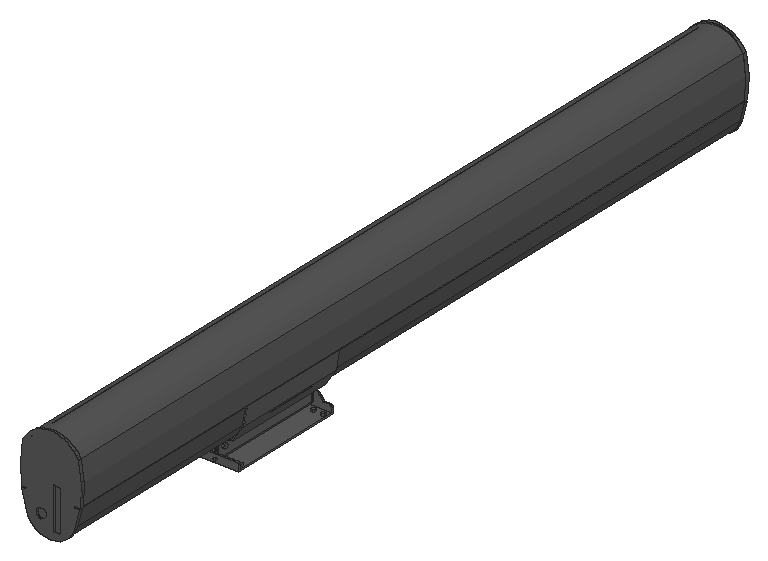
Revit family "Electronics_Desono_Biamp_Compact-Column-Point-Source-Loudspeaker_ENT220", category Communication Devices, host Face, Revit 2020
Family settings
  Host = Face
  Maintain Annotation Orientation = No
  Round Connector Dimension = Use Diameter
  Part Type = Normal
  OmniClass Number = 23.85.10.11.14.14.14
  Cut with Voids When Loaded = No
  Shared = No
  Room Calculation Point = No
Parameters (values of type "ENT220 B")
  Width = 4.64567"  # constant formula
  Weight = 41.00 lbf  # constant formula
  URL = "https://www.biamp.com/"
  Transducers = "LF   20 x 80mm long excursion mylar driver HF  4 x 3-element Compact Ribbon Emulator"  # constant formula
  Tilt angle [instance] = 0.00°
  Shipping Weight = 60.00 lbf  # constant formula
  Rotate angle [instance] = 0.00°
  Required Accessories = "External High Pass Filter - 80 Hz, 24 dB /octave Digital Signal Processor"  # constant formula
  Recommended Amplifers = "Passive - 500 W - 1000 W @ 8 Ω (63 V - 89 V)"  # constant formula
  Product data url = "https://www.bimobject.com/biamp/product/ent220_desono-column-point-source"
  Product Page URL = "https://www.biamp.com/products/product-families/desono/point-source-loudspeakers#ent220"
  Product Documentation Link = "https://downloads.biamp.com/assets/docs/default-source/data-sheets/biamp_data_sheet_desono_ent220.pdf"
  Position Note [instance] = if(Position = 1, "Position A - mounting points are guided by the factory marked pilot holes (please see the Installation/Operation manual for the details)", if(Position = 2, "Position B - mounting points are guided by the factory marked pilot holes (please see the Installation/Operation manual for the details)", if(Position = 3, "Position C - mounting points are guided by the factory marked pilot holes (please see the Installation/Operation manual for the details)", "Enter value 1 to 3")))  # "Position A - mounting points are guided by the factory marked pilot holes (please see the Installation/Operation manual for the details)"
  Position [instance] = 1
  Operating Range = "80 Hz to 22 kHz"  # constant formula
  Operating Mode = "Passive"  # constant formula
  Operating Environment = "Indoor or outdoor"  # constant formula
  Offset speaker [instance] = if(Position = 1, 25.05118", if(Position = 2, 18.64961", 12.25197"))  # 25.05118"
  Nominal Sensitivity = "Passive: 1W - 99dB; 2.83V - 99dB"  # constant formula
  Nominal Maximum SPL (Whole Space) = "Passive: Peak - 132dB; Continuous - 126dB"  # constant formula
  Nominal Beamwidth  (H x V) = "140° x  15°"  # constant formula
  Nom SA [instance] = if(and(Position = 1, or(Tilt angle < 0.00°, Tilt angle = 0.00°)), 0.00°, if(and(Position = 1, and(Tilt angle > 0.00°, Tilt angle < 4.50°)), Tilt angle, if(and(Position = 1, or(Tilt angle > 4.50°, Tilt angle = 4.50°)), 4.50°, if(and(Position = 2, or(Tilt angle < 0.00°, Tilt angle = 0.00°)), 0.00°, if(and(Position = 2, and(Tilt angle > 0.00°, Tilt angle < 6.90°)), Tilt angle, if(and(Position = 2, or(Tilt angle > 6.90°, Tilt angle = 6.90°)), 6.90°, if(and(Position = 3, or(Tilt angle < 0.00°, Tilt angle = 0.00°)), 0.00°, if(and(Position = 3, and(Tilt angle > 0.00°, Tilt angle < 10.80°)), Tilt angle, if(and(Position = 3, or(Tilt angle > 10.80°, Tilt angle = 10.80°)), 10.80°, 0.00°)))))))))  # 0.00°
  Nom RA [instance] = if(or(Rotate angle < -55.00°, Rotate angle = -55.00°), 55.00°, if(and(Rotate angle > -55.00°, Rotate angle < 55.00°), Rotate angle, if(or(Rotate angle > 55.00°, Rotate angle = 55.00°), 55.00°, 0.00°)))  # 0.00°
  Mounting Points = "Small pan-tilt mounting bracket included;(up to 10.8° down-tilt, ± 55° panning)"  # constant formula
  Model = "ENT220 B"
  Manufacturer = "Biamp"  # constant formula
  Input Connection = "NL4-type connector for low impedance operation, and 8-position terminal strip for low impedance or constant voltage operation"  # constant formula
  Housing Material = Biamp - Plastic - Black
  Height_2 = 64.68504"  # constant formula
  Grill Material = Biamp - Plastic - Black(Grid)
  Equalized Sensitivity = "Sustem: 1W - 99dB; 2.83V - 99dB"  # constant formula
  Equalized Maximum SPL = "System: Peak - 132dB; Continuous - 126dB"  # constant formula
  Environmental = "IP54 per IEC 60529, designed in accordance with MIL-STD-810G Included ABS plastic rain cover with integrated cable inlet and 1 (25.4mm) knockout for conduit ingress"  # constant formula
  Description = "Desono™ ENT220 Two-Way, Compact Column Point Source Loudspeaker"  # constant formula
  Depth = 7.48031"  # constant formula
  Default Elevation = 48"
  Continuous Power Handling Nominal Impedance = "Passive; 63V; 500W @ 8Ω (2000W peak)"  # constant formula
  Connector Description = "Terminal strip; Low impedance 8 ohms, 70/100V operation"  # constant formula
  Bracket Material = Biamp - Metal - Black
  Autoformer = "70 V - 120 W,60 W,30 W,15W,7.5 W;100 V - 120 W,60 W,30 W,15 W"  # constant formula
Types (3): name | Model | Housing Material | Grill Material | Bracket Material
  (no name) | "ENT220 B" | Biamp - Plastic - Black | Biamp - Plastic - Black(Grid) | Biamp - Metal - Black
  ENT220 W | "ENT220 W" | Biamp - Plastic - White | Biamp - Plastic - White(Grid) | Biamp - Metal - White
  ENT220 B | "ENT220 B" | Biamp - Plastic - Black | Biamp - Plastic - Black(Grid) | Biamp - Metal - Black
Reference planes (in)
  plane 1 "Center (Front/Back)": y = 0
  plane 2: z = 0
  plane 3 "Center (Left/Right)": x = 0
  plane 4: z = 0.31496
Dimensions and locks (in)
  aligned and locked: plane 2 to host face
  aligned and locked: level to host face
Nested families (in)
  nested 1: "Tilt Bracket" at (0, 0, 0), Rotate angle <- "Nom RA", Slope angle <- "Nom SA", Housing Material <- "Bracket Material", type "Tilt Bracket"
    with Slope angle 0.00°, Rotate angle 0.00°, Housing Material Biamp - Metal - Black
  nested 2: "ENT220" at (0, 4.47638, 5.43033) x (-1, 0, 0) z (0, -1, 0), Grill <- "Grill Material", Housing Material <- "Housing Material", Offset <- "Offset speaker", type "ENT220"
    with Offset 25.05118", Housing Material Biamp - Plastic - Black, Grill Biamp - Plastic - Black(Grid)
Connectors (in)
  electrical at (-0.71337, -20.49801, 3.25247)
    settings: on nested 2, index 1, voltage 0 V, apparent load 0 VA, apparent load phase1 0 VA, apparent load phase2 0 VA, apparent load phase3 0 VA, power factor 1, load classification "Other", number of poles 1, system type 5, power factor state 1, is connector primary yes, connector utility no, sub classification motor no, connector description "NL4 connector; Low impedance 8 ohms"
  electrical at (0.4939, -20.49801, 3.9107), driven by "Connector Description"
    settings: on nested 2, index 2, voltage 0 V, apparent load 0 VA, apparent load phase1 0 VA, apparent load phase2 0 VA, apparent load phase3 0 VA, power factor 1, load classification "Other", number of poles 1, system type 5, power factor state 1, is connector primary no, connector utility no, sub classification motor no, connector description "Terminal strip; Low impedance 8 ohms, 70/100V operation"
Definition of nested family "Tilt Bracket"
  Parameters (values of type "Tilt Bracket")
    URL = ""
    Slope angle [instance] = 0.00°
    Rotate angle [instance] = 0.00°
    Product data url = ""
    Product Page URL = ""
    Product Documentation Link = ""
    Model = ""
    Manufacturer = ""
    Housing Material [instance] = none
    Height = 0"
    Description = ""
    Default Elevation = 48"
  Reference planes (in)
    plane 1 "Center (Front/Back)": y = 0
    plane 2: z = 0
    plane 3 "Center (Left/Right)": x = 0
    plane 4: z = 0.31496
  Forms (in)
    Extrusion 1, solid
      sketch origin (0, 0, 0) x (1, 0, 0) y (0, 1, 0)
        loop
          line (-48, 48) -> (-48, -48) -> (48, -48) -> (48, 48) -> (-48, 48)
      from 0 to -12
    Extrusion 2, solid, material <- "Housing Material"
      sketch origin (0, 0, 0) x (1, 0, 0) y (0, 0, 1)
        loop
          line (-1.77165, 0) -> (1.77165, 0) -> (1.77165, 0.43307)
          arc (1.77165, 0.43307) -> (1.714, 0.57227) -> (1.5748, 0.62992) r 0.19685
          line (1.5748, 0.62992) -> (1.06299, 0.62992)
          arc (1.06299, 0.62992) -> (0, 1.37795) -> (-1.06299, 0.62992) r 1.1293
          line (-1.06299, 0.62992) -> (-1.5748, 0.62992)
          arc (-1.5748, 0.62992) -> (-1.714, 0.57227) -> (-1.77165, 0.43307) r 0.19685
          line (-1.77165, 0.43307) -> (-1.77165, 0)
      from -4.56693 to 4.56693
    Extrusion 3, void
      sketch origin (0, 0, 0) x (0, 1, 0) y (0, 0, 1)
        loop
          line (4.48819, 1.85039) -> (-4.48819, 1.85039) -> (-4.48819, 0.07874) -> (4.48819, 0.07874) -> (4.48819, 1.85039)
      from -3.00698 to 2.93513
    Extrusion 4, void
      sketch origin (0, 0, 0) x (0, 1, 0) y (0, 0, 1)
        loop
          line (-4.05151, 1.85039) -> (-5.23261, 1.85039) -> (-5.23261, 0.62992) -> (-4.05151, 0.62992) -> (-4.05151, 1.85039)
      from -3.00698 to 2.93513
    Extrusion 5, solid, material <- "Housing Material"
      sketch origin (0, 0, 0.31496) x (0, 0, 1) y (-1, 0, 0)
        loop
          line (1.05533, 0.14607) -> (-0.07041, 0.14607)
          arc (-0.07041, 0.14607) -> (-0.21647, 0) -> (-0.07041, -0.14607) r 0.14607
          line (-0.07041, -0.14607) -> (1.05533, -0.14607)
          arc (1.05533, -0.14607) -> (1.15376, -0.24449) -> (1.25218, -0.14607) r 0.09843
          line (1.25218, -0.14607) -> (1.25218, -0.05906) -> (0.14445, -0.05906) -> (0.14445, 0.05906) -> (1.25218, 0.05906) -> (1.25218, 0.14607)
          arc (1.25218, 0.14607) -> (1.15376, 0.24449) -> (1.05533, 0.14607) r 0.09843
      from -4.47638 to 4.47638
    Extrusion 6, solid, material <- "Housing Material"
      sketch origin (0, 0, 0.31496) x (0, 0, 1) y (-1, 0, 0)
        loop
          line (1.15376, 0.24449) -> (-0.02734, 0.24449)
          arc (-0.02734, 0.24449) -> (-0.27183, 0) -> (-0.02734, -0.24449) r 0.24449
          line (-0.02734, -0.24449) -> (1.15376, -0.24449)
          arc (1.15376, -0.24449) -> (1.22336, -0.21566) -> (1.25218, -0.14607) r 0.09843
          line (1.25218, -0.14607) -> (1.25218, 0.14607)
          arc (1.25218, 0.14607) -> (1.22336, 0.21566) -> (1.15376, 0.24449) r 0.09843
      from -4.6063 to -4.56693
    Extrusion 7, solid, material <- "Housing Material", detail levels medium+fine
      sketch origin (0, 0, 0) x (1, 0, 0) y (0, 1, 0)
        loop
          line (-1.41187, 4.15603) -> (-1.55491, 4.11771) -> (-1.59323, 3.97467) -> (-1.48852, 3.86996) -> (-1.34549, 3.90829) -> (-1.30716, 4.05132) -> (-1.41187, 4.15603)
        loop
          line (-0.65662, 4.15603) -> (-0.79966, 4.11771) -> (-0.83799, 3.97467) -> (-0.73328, 3.86996) -> (-0.59024, 3.90829) -> (-0.55191, 4.05132) -> (-0.65662, 4.15603)
        loop
          line (1.41187, 4.15603) -> (1.30716, 4.05132) -> (1.34549, 3.90829) -> (1.48852, 3.86996) -> (1.59323, 3.97467) -> (1.55491, 4.11771) -> (1.41187, 4.15603)
        loop
          line (0.65662, 4.15603) -> (0.55191, 4.05132) -> (0.59024, 3.90829) -> (0.73328, 3.86996) -> (0.83799, 3.97467) -> (0.79966, 4.11771) -> (0.65662, 4.15603)
        loop
          line (-1.41187, -4.15603) -> (-1.30716, -4.05132) -> (-1.34549, -3.90829) -> (-1.48852, -3.86996) -> (-1.59323, -3.97467) -> (-1.55491, -4.11771) -> (-1.41187, -4.15603)
        loop
          line (-0.65662, -4.15603) -> (-0.55191, -4.05132) -> (-0.59024, -3.90829) -> (-0.73328, -3.86996) -> (-0.83799, -3.97467) -> (-0.79966, -4.11771) -> (-0.65662, -4.15603)
        loop
          line (1.41187, -4.15603) -> (1.55491, -4.11771) -> (1.59323, -3.97467) -> (1.48852, -3.86996) -> (1.34549, -3.90829) -> (1.30716, -4.05132) -> (1.41187, -4.15603)
        loop
          line (0.65662, -4.15603) -> (0.79966, -4.11771) -> (0.83799, -3.97467) -> (0.73328, -3.86996) -> (0.59024, -3.90829) -> (0.55191, -4.05132) -> (0.65662, -4.15603)
      from 0.07874 to 0.19685
    Extrusion 8, solid, material <- "Housing Material", detail levels medium+fine
      sketch origin (-0.14607, 0, 1.37029) x (0, 0, -1) y (0, -1, 0)
        loop
          line (0.15695, 4.1717) -> (0.15695, 3.97485) -> (0.32743, 3.87642) -> (0.49791, 3.97485) -> (0.49791, 4.1717) -> (0.32743, 4.27012) -> (0.15695, 4.1717)
      from 0 to 0.19685
    Extrusion 9, solid, material <- "Housing Material", detail levels medium+fine
      sketch origin (-0.14607, 0, 1.37029) x (0, 0, -1) y (0, -1, 0)
        loop
          line (0.15695, 4.1717) -> (0.15695, 3.97485) -> (0.32743, 3.87642) -> (0.49791, 3.97485) -> (0.49791, 4.1717) -> (0.32743, 4.27012) -> (0.15695, 4.1717)
      from -0.48819 to -0.29213
    Extrusion 10, solid, material <- "Housing Material", detail levels medium+fine
      sketch origin (0, 4.6063, 0.31496) x (0, 0, -1) y (-1, 0, 0)
        loop
          circle (-1.15376, -0.15463) r 0.07784
        loop
          circle (-1.15376, 0.15463) r 0.07784
      from 0 to 0.11811
    Extrusion 11, solid, material <- "Housing Material", detail levels medium+fine
      sketch origin (0, 4.6063, 0.31496) x (0, 0, -1) y (-1, 0, 0)
        loop
          line (-0.0514, 0.02148) -> (-0.0091, -0.09475) -> (0.11271, -0.11623) -> (0.19221, -0.02148) -> (0.14991, 0.09475) -> (0.0281, 0.11623) -> (-0.0514, 0.02148)
      from 0 to 0.11811
    Extrusion 12, solid, material <- "Housing Material", detail levels medium+fine
      sketch origin (0, -1.71654, 0.31496) x (0, 0, -1) y (1, 0, 0)
        loop
          line (-0.0514, -0.02148) -> (0.0281, -0.11623) -> (0.14991, -0.09475) -> (0.19221, 0.02148) -> (0.11271, 0.11623) -> (-0.0091, 0.09475) -> (-0.0514, -0.02148)
      from 2.85039 to 2.9685
  Cuts and joins
    Extrusion 3, Extrusion 4 cuts Extrusion 2
  Lines and regions (in)
    Masking region 1
      outline origin (0, 0, 0) x (1, 0, 0) y (0, 1, 0)
        loop
          line (-1.77165, 4.56693) -> (-1.77165, -4.56693) -> (1.77165, -4.56693) -> (1.77165, 4.56693) -> (-1.77165, 4.56693)
    Masking region 2
      outline origin (0, 0, 0) x (1, 0, 0) y (0, 0, 1)
        loop
          line (-1.77165, 0.43307) -> (-1.77165, 0) -> (1.77165, 0) -> (1.77165, 0.43307)
          arc (1.77165, 0.43307) -> (1.714, 0.57227) -> (1.5748, 0.62992) r 0.19685
          line (1.5748, 0.62992) -> (-1.5748, 0.62992)
          arc (-1.5748, 0.62992) -> (-1.714, 0.57227) -> (-1.77165, 0.43307) r 0.19685
    Masking region 3
      outline origin (0, 0, 0) x (1, 0, 0) y (0, 0, 1)
        loop
          arc (1.06299, 0.62992) -> (0, 1.37795) -> (-1.06299, 0.62992) r 1.1293
          line (-1.06299, 0.62992) -> (1.06299, 0.62992)
    Masking region 4
      outline origin (0, 0, 0.31496) x (0, 0, 1) y (-1, 0, 0)
        loop
          line (1.05533, 0.14607) -> (-0.07041, 0.14607)
          arc (-0.07041, 0.14607) -> (-0.21647, 0) -> (-0.07041, -0.14607) r 0.14607
          line (-0.07041, -0.14607) -> (1.05533, -0.14607)
          arc (1.05533, -0.14607) -> (1.15376, -0.24449) -> (1.25218, -0.14607) r 0.09843
          line (1.25218, -0.14607) -> (1.25218, -0.05906) -> (0.14445, -0.05906) -> (0.14445, 0.05906) -> (1.25218, 0.05906) -> (1.25218, 0.14607)
          arc (1.25218, 0.14607) -> (1.15376, 0.24449) -> (1.05533, 0.14607) r 0.09843
    reference lines
      curve 1: line (0, 0, 0.31496) -> (0, 0, 2.67717)
      curve 2: line (0, -1.12051, 1.04286) -> (0, -4.07327, 1.04286)
      curve 3: line (0, -4.07327, 1.04286) -> (0, -1.07496, 1.04286)
  Dimensions and locks (in)
    "Rotate angle": angle curve 1 to plane 3 "Center (Left/Right)"
    "Slope angle": angle curve 3 to curve 2
    aligned and locked: plane 2 to Extrusion 1
    aligned and locked: level to Extrusion 1
    aligned and locked: plane 4 to curve 1
    aligned and locked: plane 3 "Center (Left/Right)" to curve 1
  Automatic sketch dimensions
    Extrusion 1 sketch curve to Extrusion 1 sketch curve = 96"  (x2)
    Extrusion 2 sketch curve to level = 0"
    Extrusion 2 sketch curve to plane 3 "Center (Left/Right)" = 0"
    plane 4 to Extrusion 2 sketch curve = 0.31496"  (x2)
    Extrusion 2 sketch curve to plane 3 "Center (Left/Right)" = 1.06299"
    Extrusion 2 sketch curve to Extrusion 2 sketch curve = 0.51181"  (x2)
    plane 4 to Extrusion 2 sketch curve = 0.11811"  (x2)
    Extrusion 2 sketch curve to plane 4 = 0.06631"
    curve 1 to Extrusion 5 sketch curve = 0"
    Extrusion 5 sketch curve to curve 1 = 0.07041"
    Extrusion 5 sketch curve to curve 1 = 0.05906"
    curve 1 to Extrusion 5 sketch curve = 0.14445"
    curve 1 to Extrusion 5 sketch curve = 0.14607"
    Extrusion 5 sketch curve to Extrusion 5 sketch curve = 0.91089"
    Extrusion 5 sketch curve to Extrusion 5 sketch curve = 0"
    Extrusion 5 sketch curve to Extrusion 5 sketch curve = 0.09843"  (x2)
    curve 1 to Extrusion 5 sketch curve = 0.05906"
    curve 1 to Extrusion 6 sketch curve = 0"
    Extrusion 6 sketch curve to curve 1 = 0.02734"
    Extrusion 6 sketch curve to curve 1 = 0.14607"
    curve 1 to Extrusion 6 sketch curve = 1.15376"
    curve 1 to Extrusion 6 sketch curve = 0.14607"
    Extrusion 6 sketch curve to Extrusion 6 sketch curve = 0.09843"
    Extrusion 5 to Extrusion 8 sketch curve = 0.15695"
    Extrusion 8 sketch curve to Extrusion 8 sketch curve = 0.17048"  (x3)
    Extrusion 5 to Extrusion 8 sketch curve = 0.59996"
    Extrusion 8 sketch curve to Extrusion 8 sketch curve = 0.09843"  (x3)
    Extrusion 8 sketch curve to Extrusion 8 sketch curve = 0.19685"  (x2)
    Extrusion 5 to Extrusion 9 sketch curve = 0.15695"
    Extrusion 9 sketch curve to Extrusion 9 sketch curve = 0.17048"  (x3)
    Extrusion 5 to Extrusion 9 sketch curve = 0.59996"
    Extrusion 9 sketch curve to Extrusion 9 sketch curve = 0.09843"  (x3)
    Extrusion 9 sketch curve to Extrusion 9 sketch curve = 0.19685"  (x2)
    Extrusion 10 sketch curve to Extrusion 6 = 0.09843"  (x2)
    Extrusion 10 sketch curve to Extrusion 6 = 0.08986"  (x2)
    Extrusion 11 sketch curve to Extrusion 6 = 0.22301"  (x2)
    Extrusion 11 sketch curve to Extrusion 6 = 1.20078"
    Extrusion 11 sketch curve to Extrusion 6 = 0.14974"  (x2)
    Extrusion 11 sketch curve to Extrusion 11 sketch curve = 0.0423"  (x2)
    Extrusion 11 sketch curve to Extrusion 6 = 0.12826"  (x2)
    Extrusion 11 sketch curve to Extrusion 11 sketch curve = 0.07951"
    Extrusion 11 sketch curve to Extrusion 11 sketch curve = 0.12181"  (x2)
    Extrusion 12 sketch curve to plane 3 "Center (Left/Right)" = 0.02148"
    plane 4 to Extrusion 12 sketch curve = 0.0514"
    plane 4 to Extrusion 12 sketch curve = 0.0091"
    Extrusion 12 sketch curve to plane 4 = 0.0281"
    Extrusion 12 sketch curve to plane 4 = 0.11271"
    Extrusion 12 sketch curve to Extrusion 12 sketch curve = 0.12181"
    plane 3 "Center (Left/Right)" to Extrusion 12 sketch curve = 0.02148"
    level to Extrusion 12 sketch curve = 0.12275"
    Extrusion 12 sketch curve to plane 3 "Center (Left/Right)" = 0.09475"
    Extrusion 12 sketch curve to plane 3 "Center (Left/Right)" = 0.11623"
    plane 3 "Center (Left/Right)" to Extrusion 12 sketch curve = 0.09475"
    plane 3 "Center (Left/Right)" to Extrusion 12 sketch curve = 0.11623"
    Masking region 1 sketch curve to plane 3 "Center (Left/Right)" = 1.77165"
    plane 3 "Center (Left/Right)" to Masking region 1 sketch curve = 1.77165"
    plane 1 "Center (Front/Back)" to Masking region 1 sketch curve = 4.56693"
    Masking region 1 sketch curve to plane 1 "Center (Front/Back)" = 4.56693"
    Masking region 2 sketch curve to level = 0"
    plane 4 to Masking region 2 sketch curve = 0.11811"  (x2)
    Masking region 2 sketch curve to plane 3 "Center (Left/Right)" = 1.77165"
    Masking region 2 sketch curve to Masking region 2 sketch curve = 0.19685"
    plane 3 "Center (Left/Right)" to Masking region 2 sketch curve = 1.5748"
    Masking region 3 sketch curve to plane 3 "Center (Left/Right)" = 0"
    Masking region 3 sketch curve to plane 4 = 0.06631"
    plane 4 to Masking region 3 sketch curve = 0.31496"
    Masking region 3 sketch curve to plane 3 "Center (Left/Right)" = 1.06299"
    curve 1 to Masking region 4 sketch curve = 0"
    Masking region 4 sketch curve to curve 1 = 0.07041"
    curve 1 to Masking region 4 sketch curve = 0.05906"
    curve 1 to Masking region 4 sketch curve = 0.14445"
    curve 1 to Masking region 4 sketch curve = 0.14607"
    Masking region 4 sketch curve to Masking region 4 sketch curve = 0.91089"
    Masking region 4 sketch curve to Masking region 4 sketch curve = 0"
    Masking region 4 sketch curve to Masking region 4 sketch curve = 0.09843"  (x2)
    Masking region 4 sketch curve to curve 1 = 0.05906"
    plane 4 to Extrusion 4 sketch curve = 1.53543"
    plane 1 "Center (Front/Back)" to Extrusion 4 sketch curve = 5.23261"
    plane 4 to Extrusion 4 sketch curve = 0.31496"
    Extrusion 4 sketch curve to Extrusion 4 sketch curve = 1.1811"
    plane 4 to Extrusion 3 sketch curve = 1.53543"
    plane 1 "Center (Front/Back)" to Extrusion 3 sketch curve = 4.48819"
    level to Extrusion 3 sketch curve = 0.07874"
    Extrusion 3 sketch curve to plane 1 "Center (Front/Back)" = 4.48819"
    Extrusion 7 sketch curve to plane 3 "Center (Left/Right)" = 1.59323"  (x2)
    Extrusion 7 sketch curve to Extrusion 7 sketch curve = 0.03833"  (x26)
    Extrusion 7 sketch curve to Extrusion 7 sketch curve = 0.10471"  (x22)
    Extrusion 7 sketch curve to Extrusion 7 sketch curve = 0.14304"  (x32)
    Extrusion 7 sketch curve to Extrusion 7 sketch curve = 0.46917"  (x4)
    plane 3 "Center (Left/Right)" to Extrusion 7 sketch curve = 0.55191"  (x2)
    plane 1 "Center (Front/Back)" to Extrusion 7 sketch curve = 4.15603"
    Extrusion 7 sketch curve to Extrusion 7 sketch curve = 0"  (x6)
    Extrusion 7 sketch curve to plane 1 "Center (Front/Back)" = 3.86996"
    curve 1 to curve 2 = 0.7279"
    curve 1 to curve 3 = 4.07327"
    radius of Extrusion 10 sketch curve = 0.07784"  (x2)
  Nested families (in)
    nested 1: "Family4" at (0, 4.47638, 2.94468) x (1, 0, 0) z (0, -1, 0), Bracket Material <- "Housing Material", type "Family4"
      with Bracket Material none
  Definition of nested family "Family4"
    Parameters (values of type "Family4")
      Height = 0"
      Default Elevation = 48"
      Bracket Material [instance] = none
    Reference planes (in)
      plane 1 "Center (Front/Back)": y = 0
      plane 2: z = 0
      plane 3 "Center (Left/Right)": x = 0
    Forms (in)
      Extrusion 1, solid, material <- "Bracket Material"
        sketch origin (0, 0, 0) x (1, 0, 0) y (0, 1, 0)
          loop
            line (-1.98147, 0.23976) -> (-2.19371, 1.57983) -> (-1.85078, 1.57983) -> (-1.85078, 1.67386) -> (-2.28833, 1.67386) -> (-2.05662, 0.21091) -> (-1.22109, -1.0757) -> (-0.04675, -1.31511) -> (-0.04675, -2.16535) -> (0.04675, -2.16535) -> (0.04675, -1.31511) -> (1.22109, -1.0757) -> (2.05662, 0.21091) -> (2.28833, 1.67386) -> (1.85078, 1.67386) -> (1.85078, 1.57983) -> (2.19371, 1.57983) -> (1.98147, 0.23976) -> (1.17302, -1.00514) -> (0, -1.24428) -> (-1.17302, -1.00514) -> (-1.98147, 0.23976)
        from 0 to 8.95276
    Lines and regions (in)
      Masking region 1
        outline origin (0, 0, 0) x (1, 0, 0) y (0, 1, 0)
          loop
            line (-2.05662, 0.21091) -> (-1.22109, -1.0757) -> (-0.04675, -1.31511) -> (-0.04675, -2.16535) -> (0.04675, -2.16535) -> (0.04675, -1.31511) -> (1.22109, -1.0757) -> (2.05662, 0.21091) -> (2.28833, 1.67386) -> (1.85078, 1.67386) -> (1.85078, 1.57983) -> (2.19371, 1.57983) -> (1.98147, 0.23976) -> (1.17302, -1.00514) -> (0, -1.24428) -> (-1.17302, -1.00514) -> (-1.98147, 0.23976) -> (-2.19371, 1.57983) -> (-1.85078, 1.57983) -> (-1.85078, 1.67386) -> (-2.28833, 1.67386) -> (-2.05662, 0.21091)
      Masking region 2
        outline origin (0, 0, 0) x (1, 0, 0) y (0, 0, 1)
          loop
            line (-2.28833, 8.95276) -> (-2.28833, 0) -> (-2.05662, 0) -> (-2.05662, 8.95276) -> (-2.28833, 8.95276)
          loop
            line (2.28833, 8.95276) -> (2.05662, 8.95276) -> (2.05662, 0) -> (2.28833, 0) -> (2.28833, 8.95276)
          loop
            line (-1.22109, 8.95276) -> (-1.22109, 0) -> (1.22109, 0) -> (1.22109, 8.95276) -> (-1.22109, 8.95276)
      Masking region 3
        outline origin (0, 0, 0) x (1, 0, 0) y (0, 0, 1)
          loop
            line (-2.05662, 8.95276) -> (-2.05662, 0) -> (-1.22109, 0) -> (-1.22109, 8.95276) -> (-2.05662, 8.95276)
          loop
            line (1.22109, 8.95276) -> (1.22109, 0) -> (2.05662, 0) -> (2.05662, 8.95276) -> (1.22109, 8.95276)
          loop
            line (-0.04675, 8.95276) -> (-0.04675, 0) -> (0.04675, 0) -> (0.04675, 8.95276) -> (-0.04675, 8.95276)
    Dimensions and locks (in)
      aligned and locked: level to plane 2
Definition of nested family "ENT220"
  Parameters (values of type "ENT220")
    Offset [instance] = 1.9685"
    Housing Material [instance] = none
    Grill [instance] = none
    Default Elevation = 48"
  Reference planes (in)
    plane 1 "Center (Front/Back)": y = 0
    plane 2: z = 0
    plane 3 "Center (Left/Right)": x = 0
  Forms (in)
    Extrusion 1, solid, material <- "Housing Material", detail levels coarse
      sketch origin (-4.6479, 0, 1.9685) x (0, -1, 0) y (-1, 0, 0)
        loop
          arc (-2.41627, -2.84622) -> (-3.68805, -4.6479) -> (-2.41627, -6.44958) r 1.91207
          arc (-2.41627, -6.44958) -> (0, -6.93922) -> (2.45687, -6.73452) r 8.73895
          arc (2.45687, -6.73452) -> (3.72982, -4.6479) -> (2.45687, -2.56128) r 2.34667
          arc (2.45687, -2.56128) -> (0, -2.35658) -> (-2.41627, -2.84622) r 8.73895
      from 0 to 64.68504
    Extrusion 2, solid, material <- "Housing Material", detail levels medium+fine
      sketch origin (-4.6479, 0, 1.9685) x (0, -1, 0) y (-1, 0, 0)
        loop
          arc (-2.44264, -2.77202) -> (-3.76679, -4.6479) -> (-2.44264, -6.52378) r 1.99081
          arc (-2.44264, -6.52378) -> (-1.68569, -6.75508) -> (-0.91106, -6.91758) r 8.81769
          line (-0.91106, -6.91758) -> (-0.91106, -6.49868) -> (-0.80552, -6.49868) -> (-0.80552, -6.93416)
          arc (-0.80552, -6.93416) -> (0.84513, -7.02649) -> (2.48401, -6.80908) r 8.81769
          arc (2.48401, -6.80908) -> (3.80856, -4.6479) -> (2.48401, -2.48672) r 2.42541
          arc (2.48401, -2.48672) -> (0.84513, -2.26931) -> (-0.80552, -2.36164) r 8.81769
          line (-0.80552, -2.36164) -> (-0.80552, -2.79712) -> (-0.91106, -2.79712) -> (-0.91106, -2.37822)
          arc (-0.91106, -2.37822) -> (-1.68569, -2.54072) -> (-2.44264, -2.77202) r 8.81769
      from 0 to 0.19685
    Extrusion 3, solid, material <- "Housing Material", detail levels medium+fine
      sketch origin (-4.6479, 0, 1.9685) x (0, -1, 0) y (-1, 0, 0)
        loop
          arc (-2.44264, -2.77202) -> (-3.76679, -4.6479) -> (-2.44264, -6.52378) r 1.99081
          arc (-2.44264, -6.52378) -> (-1.68569, -6.75508) -> (-0.91106, -6.91758) r 8.81769
          line (-0.91106, -6.91758) -> (-0.91106, -6.49868) -> (-0.80552, -6.49868) -> (-0.80552, -6.93416)
          arc (-0.80552, -6.93416) -> (0.84513, -7.02649) -> (2.48401, -6.80908) r 8.81769
          arc (2.48401, -6.80908) -> (3.80856, -4.6479) -> (2.48401, -2.48672) r 2.42541
          arc (2.48401, -2.48672) -> (0.84513, -2.26931) -> (-0.80552, -2.36164) r 8.81769
          line (-0.80552, -2.36164) -> (-0.80552, -2.79712) -> (-0.91106, -2.79712) -> (-0.91106, -2.37822)
          arc (-0.91106, -2.37822) -> (-1.68569, -2.54072) -> (-2.44264, -2.77202) r 8.81769
      from 64.48819 to 64.68504
    Extrusion 4, solid, material <- "Housing Material", detail levels medium+fine
      sketch origin (-4.6479, 0, 1.9685) x (0, -1, 0) y (-1, 0, 0)
        loop
          arc (-2.41627, -2.84622) -> (-3.68805, -4.6479) -> (-2.41627, -6.44958) r 1.91207
          arc (-2.41627, -6.44958) -> (-1.67231, -6.67722) -> (-0.91106, -6.83779) r 8.73895
          line (-0.91106, -6.83779) -> (-0.91106, -6.49868) -> (-0.80552, -6.49868) -> (-0.80552, -6.85452)
          arc (-0.80552, -6.85452) -> (0.83132, -6.94821) -> (2.45687, -6.73452) r 8.73895
          line (2.45687, -6.73452) -> (2.45687, -2.56128)
          arc (2.45687, -2.56128) -> (0.83132, -2.34759) -> (-0.80552, -2.44128) r 8.73895
          line (-0.80552, -2.44128) -> (-0.80552, -2.79712) -> (-0.91106, -2.79712) -> (-0.91106, -2.45801)
          arc (-0.91106, -2.45801) -> (-1.67231, -2.61858) -> (-2.41627, -2.84622) r 8.73895
      from 0.19685 to 64.48819
    Extrusion 5, solid, material <- "Grill", detail levels medium+fine
      sketch origin (-4.6479, 0, 1.9685) x (0, -1, 0) y (-1, 0, 0)
        loop
          line (2.45687, -2.56128) -> (2.45687, -2.78541)
          arc (2.45687, -2.78541) -> (3.53297, -4.6479) -> (2.45687, -6.51039) r 2.14982
          line (2.45687, -6.51039) -> (2.45687, -6.73452)
          arc (2.45687, -6.73452) -> (3.72982, -4.6479) -> (2.45687, -2.56128) r 2.34667
      from 0.19685 to 64.48819
    Extrusion 6, void
      sketch origin (-4.6479, 0, 1.9685) x (-1, 0, 0) y (0, -1, 0)
        loop
          line (-3.87103, -3.16826) -> (-3.87103, 0.12899) -> (-4.43697, 0.12899) -> (-4.43697, -3.16826) -> (-3.87103, -3.16826)
        loop
          circle (-5.36127, -2.17786) r 0.3937
      from -0.07679 to 0
  Cuts and joins
    Extrusion 6 cuts Extrusion 1
    Extrusion 6 cuts Extrusion 2
    Extrusion 6 cuts Extrusion 4
    Extrusion 6 cuts Extrusion 3
  Lines and regions (in)
    Masking region 1
      outline origin (-4.6479, 0, -11.85039) x (0, -1, 0) y (1, 0, 0)
        loop
          arc (-2.44264, 6.52378) -> (-3.76679, 4.6479) -> (-2.44264, 2.77202) r 1.99081
          arc (-2.44264, 2.77202) -> (-1.68569, 2.54072) -> (-0.91106, 2.37822) r 8.81769
          line (-0.91106, 2.37822) -> (-0.91106, 2.79712) -> (-0.80552, 2.79712) -> (-0.80552, 2.36164)
          arc (-0.80552, 2.36164) -> (0.84513, 2.26931) -> (2.48401, 2.48672) r 8.81769
          arc (2.48401, 2.48672) -> (3.80856, 4.6479) -> (2.48401, 6.80908) r 2.42541
          arc (2.48401, 6.80908) -> (0.84513, 7.02649) -> (-0.80552, 6.93416) r 8.81769
          line (-0.80552, 6.93416) -> (-0.80552, 6.49868) -> (-0.91106, 6.49868) -> (-0.91106, 6.91758)
          arc (-0.91106, 6.91758) -> (-1.68569, 6.75508) -> (-2.44264, 6.52378) r 8.81769
    Masking region 2
      outline origin (-4.6479, 0, 5.74803) x (1, 0, 0) y (0, 0, 1)
        loop
          line (2.26294, -3.77953) -> (2.26294, -3.97638) -> (7.03286, -3.97638) -> (7.03286, -3.77953) -> (2.26294, -3.77953)
        loop
          line (2.26294, -68.26772) -> (2.26294, -68.46457) -> (7.03286, -68.46457) -> (7.03286, -68.26772) -> (2.26294, -68.26772)
    Masking region 3
      outline origin (-4.6479, 0, 5.74803) x (1, 0, 0) y (0, 0, 1)
        loop
          line (2.56128, -3.97638) -> (2.34168, -3.97638) -> (2.34168, -68.26772) -> (2.56128, -68.26772) -> (2.56128, -3.97638)
        loop
          line (6.73452, -3.97638) -> (6.73452, -68.26772) -> (6.95412, -68.26772) -> (6.95412, -3.97638) -> (6.73452, -3.97638)
    Masking region 4
      outline origin (-4.6479, 0, 5.74803) x (1, 0, 0) y (0, 0, 1)
        loop
          line (2.56128, -3.97638) -> (2.56128, -68.26772) -> (6.73452, -68.26772) -> (6.73452, -3.97638) -> (2.56128, -3.97638)
    reference lines
      curve 1: line (-4.6479, 0, 1.9685) -> (6.17887, 0, 1.9685)
  Dimensions and locks (in)
    "Offset": curve 1 to plane 2
    aligned and locked: level to plane 2
  Automatic sketch dimensions
    Masking region 1 sketch curve to Masking region 1 sketch curve = 0"  (x5)
    Masking region 1 sketch curve to plane 3 "Center (Left/Right)" = 0"  (x2)
    Masking region 1 sketch curve to plane 1 "Center (Front/Back)" = 1.77598"
    Masking region 1 sketch curve to plane 1 "Center (Front/Back)" = 0.91106"  (x2)
    Masking region 1 sketch curve to Masking region 1 sketch curve = 0.10554"  (x2)
    plane 1 "Center (Front/Back)" to Masking region 1 sketch curve = 0.51011"  (x2)
    plane 1 "Center (Front/Back)" to Masking region 1 sketch curve = 1.38315"
    Masking region 1 sketch curve to plane 3 "Center (Left/Right)" = 1.85078"
    Masking region 1 sketch curve to Masking region 1 sketch curve = 0.4189"  (x2)
    Masking region 1 sketch curve to Masking region 1 sketch curve = 0.01658"  (x2)
    Masking region 1 sketch curve to Masking region 1 sketch curve = 4.14647"  (x2)
    plane 3 "Center (Left/Right)" to Masking region 1 sketch curve = 1.85078"
    Masking region 1 sketch curve to plane 3 "Center (Left/Right)" = 2.16118"
    Extrusion 2 sketch curve to Extrusion 2 sketch curve = 0"  (x5)
    Extrusion 2 sketch curve to curve 1 = 1.77598"
    Extrusion 2 sketch curve to curve 1 = 0.91106"  (x2)
    Extrusion 2 sketch curve to Extrusion 2 sketch curve = 0.10554"  (x2)
    curve 1 to Extrusion 2 sketch curve = 0.51011"  (x2)
    curve 1 to Extrusion 2 sketch curve = 1.38315"
    Extrusion 2 sketch curve to curve 1 = 1.78483"
    curve 1 to Extrusion 2 sketch curve = 2.36164"
    Extrusion 2 sketch curve to Extrusion 2 sketch curve = 0.01658"  (x2)
    Extrusion 2 sketch curve to Extrusion 2 sketch curve = 0.4189"  (x2)
    Extrusion 2 sketch curve to Extrusion 2 sketch curve = 1.85078"  (x3)
    curve 1 to Extrusion 2 sketch curve = 0.25386"
    Extrusion 2 sketch curve to Extrusion 2 sketch curve = 1.10086"
    Extrusion 3 sketch curve to Extrusion 3 sketch curve = 0"  (x5)
    Extrusion 3 sketch curve to curve 1 = 1.77598"
    Extrusion 3 sketch curve to curve 1 = 0.91106"  (x2)
    Extrusion 3 sketch curve to Extrusion 3 sketch curve = 0.10554"  (x2)
    curve 1 to Extrusion 3 sketch curve = 0.51011"  (x2)
    curve 1 to Extrusion 3 sketch curve = 1.38315"
    Extrusion 3 sketch curve to curve 1 = 1.78483"
    curve 1 to Extrusion 3 sketch curve = 2.36164"
    Extrusion 3 sketch curve to Extrusion 3 sketch curve = 0.01658"  (x2)
    Extrusion 3 sketch curve to Extrusion 3 sketch curve = 0.4189"  (x2)
    Extrusion 3 sketch curve to Extrusion 3 sketch curve = 1.85078"  (x3)
    curve 1 to Extrusion 3 sketch curve = 0.25386"
    Extrusion 3 sketch curve to Extrusion 3 sketch curve = 1.10086"
    Extrusion 4 sketch curve to Extrusion 4 sketch curve = 0"  (x5)
    Extrusion 4 sketch curve to curve 1 = 1.77598"
    Extrusion 4 sketch curve to curve 1 = 0.91106"  (x2)
    Extrusion 4 sketch curve to Extrusion 4 sketch curve = 0.10554"  (x2)
    curve 1 to Extrusion 4 sketch curve = 0.51011"  (x2)
    curve 1 to Extrusion 4 sketch curve = 2.45687"
    Extrusion 4 sketch curve to curve 1 = 1.78483"
    curve 1 to Extrusion 4 sketch curve = 2.44128"
    Extrusion 4 sketch curve to Extrusion 4 sketch curve = 0.01673"  (x2)
    curve 1 to Extrusion 4 sketch curve = 2.56128"
    Extrusion 4 sketch curve to Extrusion 4 sketch curve = 0.33911"
    Extrusion 4 sketch curve to Extrusion 4 sketch curve = 1.85078"  (x2)
    Extrusion 4 sketch curve to Extrusion 4 sketch curve = 0.23584"
    Extrusion 5 sketch curve to Extrusion 5 sketch curve = 0"  (x2)
    curve 1 to Extrusion 5 sketch curve = 1.38315"
    Extrusion 5 sketch curve to Extrusion 5 sketch curve = 1.07371"  (x2)
    curve 1 to Extrusion 5 sketch curve = 2.56128"
    Extrusion 5 sketch curve to Extrusion 5 sketch curve = 0.22414"
    Extrusion 5 sketch curve to Extrusion 5 sketch curve = 1.86249"
    Extrusion 1 sketch curve to curve 1 = 1.77598"
    curve 1 to Extrusion 1 sketch curve = 0.51011"  (x2)
    curve 1 to Extrusion 1 sketch curve = 1.38315"
    Extrusion 1 sketch curve to curve 1 = 1.78483"
    curve 1 to Extrusion 1 sketch curve = 4.6479"
    Extrusion 1 sketch curve to Extrusion 1 sketch curve = 0"  (x2)
    curve 1 to Extrusion 1 sketch curve = 0.25386"
    Extrusion 1 sketch curve to Extrusion 1 sketch curve = 0.64029"  (x2)
    Extrusion 1 sketch curve to Extrusion 1 sketch curve = 1.07371"
    curve 1 to Masking region 2 sketch curve = 2.26294"  (x2)
    Masking region 2 sketch curve to curve 1 = 3.79391"  (x2)
    Masking region 2 sketch curve to curve 1 = 64.68504"
    Masking region 2 sketch curve to Masking region 2 sketch curve = 0.19685"  (x2)
    Masking region 2 sketch curve to curve 1 = 0.19685"
    curve 1 to Masking region 3 sketch curve = 2.34168"
    Masking region 3 sketch curve to Masking region 3 sketch curve = 0.2196"  (x2)
    Masking region 3 sketch curve to curve 1 = 4.09225"
    Masking region 3 sketch curve to curve 1 = 64.48819"  (x2)
    Masking region 3 sketch curve to curve 1 = 0.19685"  (x2)
    Extrusion 6 sketch curve to curve 1 = 2.17786"
    Extrusion 6 sketch curve to curve 1 = 5.36127"
    Extrusion 6 sketch curve to Extrusion 6 sketch curve = 0.9243"
    Extrusion 6 sketch curve to Extrusion 6 sketch curve = 0.56594"
    Extrusion 6 sketch curve to Extrusion 6 sketch curve = 0.99039"
    curve 1 to Extrusion 6 sketch curve = 0.12899"
    curve 1 to Masking region 4 sketch curve = 2.56128"
    Masking region 4 sketch curve to curve 1 = 4.09225"
    Masking region 4 sketch curve to curve 1 = 64.48819"
    curve 1 to Masking region 4 sketch curve = 0.19685"
    curve 1 to plane 3 "Center (Left/Right)" = 4.6479"
    plane 3 "Center (Left/Right)" to curve 1 = 6.17887"
    radius of Extrusion 6 sketch curve = 0.3937"
